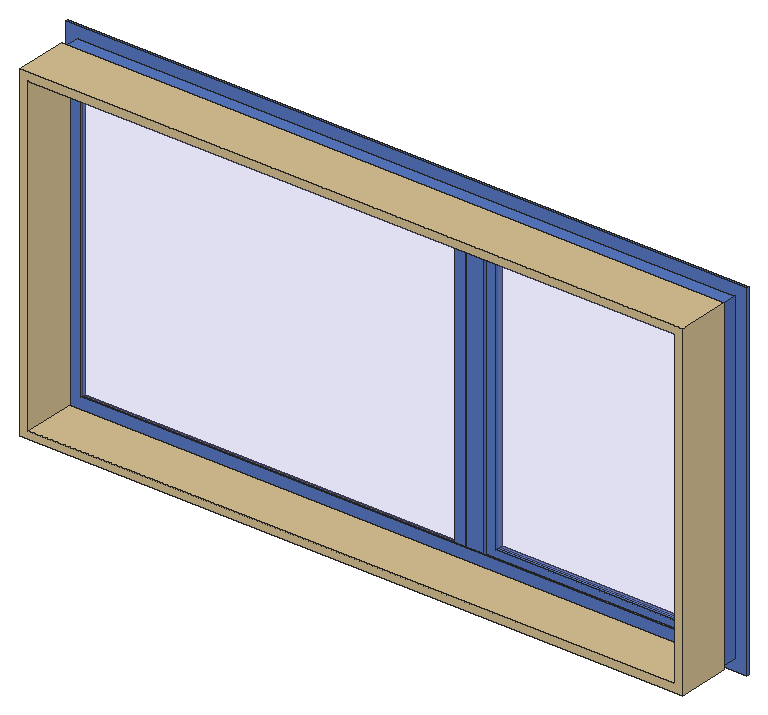
Revit family
Parameters (values of type "1600 x 800")
  WinthinWall [instance] = 20 mm
  SashWidth = 600 mm
  Packer = 25 mm
  Operation = "DoublePanelVertical"
  Keynote = "45-23-009"
  Height = 800 mm
  Default Sill Height [instance] = 1200 mm
  Wall Closure = (empty or 0)
  Width = 1600 mm
Types (5, lengths in mm): name | SashWidth | Keynote | Height | Default Sill Height | Width
  (no name) | 600 | "45-23-009" | 800 | 1200 | 1600
  800 x 1000 | 500 | "45-23-007" | 1000 | 1000 | 800
  1000 x 1200 | 400 | "45-23-006" | 1000 | 1000 | 1200
  1600 x 800 | 600 | "45-23-009" | 800 | 1200 | 1600
  1200 x 1200 | 600 | "45-23-008" | 1200 | 1000 | 1200
Reference planes
  plane 1: y = 0
  plane 2 "Center (Left/Right)": x = -10.949
  plane 3 "Left": x = -810.949
  plane 4 "Right": x = 789.051
  plane 5 "Sill": z = 1200
  plane 6 "Head": z = 2000
  plane 7 "Exterior": y = 75
  plane 8 "Interior": y = -75
  plane 9 "GlassLine": y = 55
  plane 10: y = -90
  plane 11: z = 1850
  plane 12: z = 1200
  plane 13: x = 189.051
  plane 14: x = 489.051
  plane 15: x = -835.949
  plane 16: x = 814.051
Forms (mm)
  Sweep 1, solid
    path origin (0, 55, 0) x (1, 0, 0) y (0, 0, 1)
      loop
        line (789.051, 1200) -> (789.051, 2000) -> (-810.949, 2000) -> (-810.949, 1200) -> (789.051, 1200)
    profile origin (-10.949, 0, 0) x (0, 0, -1) y (0, -1, 0)
      loop
        line (-1210, -75) -> (-1210, -35) -> (-1250, -35) -> (-1250, -39.838) -> (-1220.362, -39.838) -> (-1220.362, -75) -> (-1215.033, -75) -> (-1215.033, -79.773) -> (-1182.319, -79.773) -> (-1182.319, -75) -> (-1210, -75)
  Sweep 2, solid, detail levels medium+fine
    path origin (0, 55, 0) x (1, 0, 0) y (0, 0, 1)
      loop
        line (789.051, 1200) -> (789.051, 2000) -> (-810.949, 2000) -> (-810.949, 1200) -> (789.051, 1200)
    profile origin (-10.949, 0, 0) x (0, 0, -1) y (0, -1, 0)
      loop
        line (-1205, -35.674) -> (-1205, 90) -> (-1224.003, 90) -> (-1224.003, -35.674) -> (-1205, -35.674)
  Extrusion 3, solid, detail levels medium+fine
    sketch origin (0, 55, 0) x (1, 0, 0) y (0, 0, 1)
      loop
        line (724.102, 1264.897) -> (724.102, 1935.052) -> (228.999, 1935.052) -> (228.999, 1264.897) -> (724.102, 1264.897)
    from 0 to 5
  Sweep 4, solid, detail levels medium+fine
    path origin (0, 55, 0) x (1, 0, 0) y (0, 0, 1)
      loop
        line (764.051, 1224.948) -> (764.051, 1975) -> (189.051, 1975) -> (189.051, 1224.948) -> (764.051, 1224.948)
    profile origin (476.551, 0, 0) x (0, 0, -1) y (0, -1, 0)
      loop
        line (-1224.948, -44.297) -> (-1264.897, -44.297) -> (-1264.897, -61.375) -> (-1246.498, -79.773) -> (-1230.204, -79.773) -> (-1230.204, -84.961) -> (-1194.943, -84.961) -> (-1194.943, -79.773) -> (-1224.948, -79.773) -> (-1224.948, -44.297)
  Sweep 5, solid, detail levels medium+fine
    path origin (0, 55, 0) x (1, 0, 0) y (0, 0, 1)
      loop
        line (159.045, 1220.362) -> (159.045, 1979.638) -> (-790.588, 1979.638) -> (-790.588, 1220.362) -> (159.045, 1220.362)
    profile origin (-315.771, 0, 0) x (0, 0, -1) y (0, -1, 0)
      loop
        line (-1220.362, -75) -> (-1220.362, -39.838) -> (-1245.039, -39.838) -> (-1245.039, -55) -> (-1225.564, -75) -> (-1220.362, -75)
  Extrusion 6, solid, detail levels medium+fine
    sketch origin (0, 55, 0) x (1, 0, 0) y (0, 0, 1)
      loop
        line (134.368, 1245.039) -> (134.368, 1954.961) -> (-765.911, 1954.961) -> (-765.911, 1245.039) -> (134.368, 1245.039)
    from 5 to 10
  Sweep 7, solid
    path origin (0, 55, 0) x (1, 0, 0) y (0, 0, 1)
      loop
        line (189.051, 1219.638) -> (189.051, 1979.638)
    profile origin (0, 0, 1599.638) x (-1, 0, 0) y (0, -1, 0)
      loop
        line (-159.045, -45) -> (-159.045, -39.838) -> (-204.142, -39.838) -> (-204.142, -45) -> (-193.298, -45) -> (-193.298, -75) -> (-184.8, -75) -> (-184.8, -45) -> (-159.045, -45)
Lines and regions (mm)
  Opening 1
    outline origin (3582.473, -75, 0) x (1, 0, 0) y (0, 0, 1)
      loop
        line (-2793.423, 1200) -> (-2793.423, 2000) -> (-4393.423, 2000) -> (-4393.423, 1200) -> (-2793.423, 1200)
  symbolic lines, style "Elevation Swing"
    curve 1: line (724.102, 0, 1239.948) -> (489.051, 0, 1850)
    curve 2: line (228.999, 0, 1239.948) -> (489.051, 0, 1850)
Text (mm)
  text "EXTERIOR" at (-1963.203, 1332.353, 0), in view "Ref. Level"
  text "INTERIOR" at (-1963.203, -604.756, 0), in view "Ref. Level"
  text "Exterior" at (0, 923.751, 2943.296), in view "Right"
  text "Exterior" at (0, 1040.484, 2685.409), in view "Left"
Dimensions and locks
  equal spacing: plane 3 "Left", plane 2 "Center (Left/Right)", plane 4 "Right"
  "Width": plane 3 "Left" to plane 4 "Right"
  "Height": plane 5 "Sill" to plane 6 "Head"
  "Default Sill Height": plane 5 "Sill" to level
  locked: plane 7 "Exterior" to host wall at 0
  locked: plane 8 "Interior" to host wall
  "WinthinWall": plane 9 "GlassLine" to plane 7 "Exterior"
  locked: plane 10 to plane 8 "Interior" at 15
  locked: plane 11 to plane 6 "Head" at 150
  "SashWidth": plane 13 to plane 4 "Right"
  equal spacing: plane 13, plane 14, plane 4 "Right"
  "Packer": plane 15 to plane 3 "Left"
  "Packer": plane 4 "Right" to plane 16
  aligned and locked: Sweep 1 sketch curve to host wall  (x2)
  aligned and locked: host wall to Sweep 1 sketch curve
  aligned and locked: plane 6 "Head" to Sweep 2 sketch curve
  aligned and locked: plane 10 to Sweep 2 sketch curve
  aligned and locked: profile plane to Sweep 4 sketch curve
  aligned and locked: Sweep 1 to Sweep 4 sketch curve  (x2)
  aligned and locked: Extrusion 3 sketch curve to Sweep 4  (x4)
  aligned and locked: Extrusion 3 to curve 1
  aligned and locked: plane 13 to Sweep 4 sketch curve
  aligned and locked: plane 11 to curve 1
  aligned and locked: curve 2 to Extrusion 3
  aligned and locked: Sweep 1 sketch curve to plane 3 "Left"
  aligned and locked: Sweep 4 to Sweep 5 sketch curve
  aligned and locked: Sweep 1 to Sweep 5 sketch curve  (x2)
  aligned and locked: plane 9 "GlassLine" to Sweep 5 sketch curve
  aligned and locked: Extrusion 6 sketch curve to Sweep 5  (x3)
  aligned and locked: Sweep 5 to Extrusion 6 sketch curve
  aligned and locked: Sweep 7 sketch curve to Sweep 1
  aligned and locked: plane 13 to Sweep 7 sketch curve
  aligned and locked: plane 12 to plane 5 "Sill"
Automatic sketch dimensions
  Opening 1 sketch curve to plane 3 "Left" = 0 mm
  Opening 1 sketch curve to plane 4 "Right" = 0 mm
  Opening 1 sketch curve to plane 5 "Sill" = 0 mm
  Opening 1 sketch curve to plane 6 "Head" = 0 mm
  Sweep 2 sketch curve to plane 3 "Left" = 0 mm
  Sweep 2 sketch curve to plane 4 "Right" = 0 mm
  Sweep 2 sketch curve to plane 5 "Sill" = 0 mm
  profile plane to Sweep 2 sketch curve = 24.003 mm
  profile plane to Sweep 2 sketch curve = 5 mm
  plane 9 "GlassLine" to Sweep 2 sketch curve = 19.326 mm
  plane 9 "GlassLine" to Sweep 1 sketch curve = 20 mm
  profile plane to Sweep 1 sketch curve = 50 mm
  profile plane to Sweep 1 sketch curve = 20.362 mm
  Sweep 1 sketch curve to Sweep 1 sketch curve = 5.328 mm
  profile plane to Sweep 1 sketch curve = 10 mm
  Sweep 1 sketch curve to profile plane = 17.681 mm
  Sweep 1 sketch curve to Sweep 1 sketch curve = 4.838 mm
  Sweep 1 sketch curve to plane 9 "GlassLine" = 20 mm
  Sweep 1 sketch curve to Sweep 1 sketch curve = 0 mm
  Sweep 1 sketch curve to Sweep 1 sketch curve = 4.773 mm
  profile plane to Sweep 4 sketch curve = 5.256 mm
  Sweep 4 sketch curve to Sweep 4 sketch curve = 16.294 mm
  Sweep 4 sketch curve to plane 9 "GlassLine" = 6.375 mm
  Sweep 4 sketch curve to Sweep 4 sketch curve = 18.399 mm
  Sweep 4 sketch curve to Sweep 4 sketch curve = 5.188 mm
  plane 9 "GlassLine" to Sweep 4 sketch curve = 10.703 mm
  Sweep 4 sketch curve to profile plane = 30.005 mm
  curve 1 to plane 14 = 0 mm
  curve 2 to plane 12 = 39.948 mm
  curve 1 to plane 12 = 39.948 mm
  Sweep 5 sketch curve to Sweep 5 sketch curve = 5.202 mm
  Sweep 5 sketch curve to Sweep 5 sketch curve = 24.677 mm
  Sweep 5 sketch curve to plane 9 "GlassLine" = 20 mm
  profile plane to Sweep 7 sketch curve = 15.091 mm
  profile plane to Sweep 7 sketch curve = 4.248 mm
  Sweep 7 sketch curve to profile plane = 4.25 mm
  plane 9 "GlassLine" to Sweep 7 sketch curve = 10 mm
  Sweep 7 sketch curve to Sweep 7 sketch curve = 25.755 mm
  Sweep 7 sketch curve to plane 9 "GlassLine" = 20 mm
  Sweep 7 sketch curve to Sweep 7 sketch curve = 0 mm
  Sweep 7 sketch curve to Sweep 7 sketch curve = 5.162 mm
  Sweep 5 sketch curve to profile plane = 0 mm
  plane 4 "Right" to Sweep 4 sketch curve = 25 mm
  Sweep 4 sketch curve to plane 5 "Sill" = 24.948 mm
  plane 6 "Head" to Sweep 4 sketch curve = 25 mm
  Sweep 5 sketch curve to plane 3 "Left" = 20.362 mm
  Sweep 5 sketch curve to plane 5 "Sill" = 20.362 mm
  Sweep 7 sketch curve to plane 5 "Sill" = 19.638 mm
